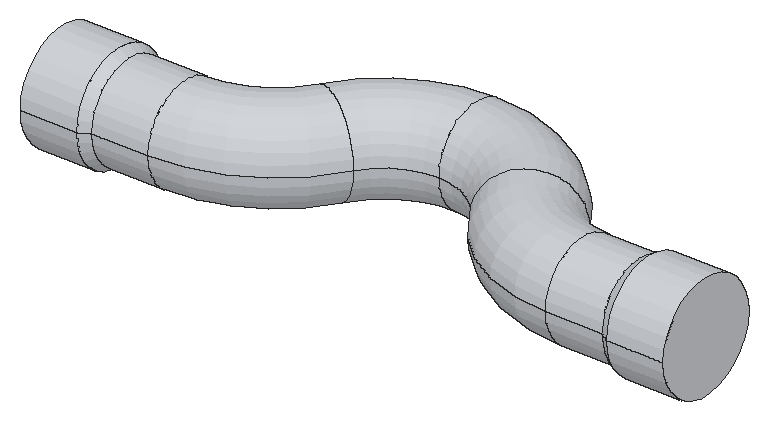
Revit family "Transposição da curvatura - CPVC - HW", category Conexões de tubo, Revit 2019
Family settings
  Cota do conector redondo = Usar raio
  Tipo de parte = União
  Com base no plano de trabalho = Não
  Sempre na vertical = Sim
  Corte com vazios quando carregada = Não
  Compartilhado = Não
Parameters (values of type "Padrão")
  Type Comments = ""
  Tamanho da marca de revisão [instance] = Diâmetro externo da conexão * 0.4  # 8.00 mm
  Raio externo do soquete [instance] = Diâmetro externo do soquete / 2  # 11.25 mm
  Profundidade do soquete 2 [instance] = size_lookup(Nome da tabela de pesquisa, "SDpt2", 0.12 * Diâmetro nominal - 0.30 mm, Diâmetro nominal)  # 2.10 mm
  Profundidade do soquete 1 [instance] = size_lookup(Nome da tabela de pesquisa, "SDpt1", 0.8349 * Diâmetro nominal - 2.80 mm, Diâmetro nominal)  # 14.00 mm
  Diâmetro externo do soquete [instance] = size_lookup(Nome da tabela de pesquisa, "SOD", 1.039 * Diâmetro nominal + 1.80 mm, Diâmetro nominal)  # 22.50 mm
  Raio 2 [instance] = size_lookup(Nome da tabela de pesquisa, "Rad2", Diâmetro nominal + 5.00 mm, Diâmetro nominal)  # 25.00 mm
  Raio 1 [instance] = size_lookup(Nome da tabela de pesquisa, "Rad1", 0.9509 * Diâmetro nominal + 5.20 mm, Diâmetro nominal)  # 24.30 mm
  Model = ""
  Manufacturer = ""
  Loss Method = (empty or 0)
  Nome da tabela de pesquisa = "BR_Bend Transposition - CPVC - HW"
  Comprimento 2 [instance] = Centro para o soquete - Profundidade do soquete 1 - 2 * Comprimento 1  # 11.911 mm
  Comprimento 1 [instance] = Raio 1 * sin(60.00°)  # 21.044 mm
  Raio externo da conexão [instance] = Diâmetro externo da conexão / 2  # 10.00 mm
  Diâmetro externo da conexão [instance] = Diâmetro nominal  # 20.00 mm
  Description = ""
  Centro para o soquete [instance] = size_lookup(Nome da tabela de pesquisa, "CtS", 3.1172 * Diâmetro nominal + 5.80 mm, Diâmetro nominal)  # 68.00 mm
  Diâmetro nominal [instance] = Raio nominal * 2  # 20.00 mm
  Raio nominal [instance] = 10.00 mm
Reference planes
  plane 1 "Centro (Frente/Trás)": y = 0
  plane 2: z = 0
  plane 3 "Centro (Esquerda/Direita)": x = 0
  plane 4: x = -21.044
  plane 5: x = 21.044
  plane 6: x = -42.089
  plane 7: x = 42.089
  plane 8: x = -68
  plane 9: x = 68
  plane 10: x = -54
  plane 11: x = 54
  plane 12: x = -56.1
  plane 13: x = 56.1
  plane 14: y = 24.3
  plane 15: y = 8
  plane 16: y = -8
Forms (mm)
  Sweep 1, solid, detail levels fine
    path origin (0, 0, 0) x (1, 0, 0) y (0, 1, 0)
      loop
        line (-68, 0) -> (-56.1, 0)
    profile origin (-62.05, 0, 0) x (0, 1, 0) y (0, 0, 1)
      loop
        circle (0, 0) r 11.25
  SweptBlend 2, solid, detail levels fine
    path origin (0, 0, 0) x (1, 0, 0) y (0, 1, 0)
      loop
        line (-56.1, 0) -> (-54, 0)
    profile origin (-56.1, 0, 0) x (0, 1, 0) y (0, 0, 1)
      loop
        circle (0, 0) r 11.25
    end profile origin (-54, 0, 0) x (0, 1, 0) y (0, 0, 1)
      loop
        circle (0, 0) r 10
  Sweep 3, solid, detail levels fine
    path origin (0, 0, 0) x (1, 0, 0) y (0, 1, 0)
      loop
        line (56.1, 0) -> (68, 0)
    profile origin (62.05, 0, 0) x (0, 1, 0) y (0, 0, 1)
      loop
        circle (0, 0) r 11.25
  SweptBlend 4, solid, detail levels fine
    path origin (0, 0, 0) x (1, 0, 0) y (0, 1, 0)
      loop
        line (54, 0) -> (56.1, 0)
    profile origin (54, 0, 0) x (0, 1, 0) y (0, 0, 1)
      loop
        circle (0, 0) r 10
    end profile origin (56.1, 0, 0) x (0, 1, 0) y (0, 0, 1)
      loop
        circle (0, 0) r 11.25
  Sweep 5, solid, detail levels fine
    path origin (0, 0, 0) x (1, 0, 0) y (0, 1, 0)
      loop
        line (-54, 0) -> (-42.089, 0)
        arc (-42.089, 0) -> (-29.939, 3.256) -> (-21.044, 12.15) r 24.3
        arc (-21.044, 12.15) -> (-12.15, 21.044) -> (0, 24.3) r 24.3
        arc (0, 24.3) -> (12.15, 21.044) -> (21.044, 12.15) r 24.3
        arc (21.044, 12.15) -> (29.939, 3.256) -> (42.089, 0) r 24.3
        line (42.089, 0) -> (54, 0)
    profile origin (-48.044, 0, 0) x (0, 1, 0) y (0, 0, 1)
      loop
        circle (0, 0) r 10
Cuts and joins
  joined: Sweep 1, SweptBlend 2, Sweep 3, SweptBlend 4, Sweep 5
Lines and regions (mm)
  model lines, detail levels coarse+medium
    curve 1: line (-68, -8, 0) -> (-68, 8, 0)
    curve 2: line (-68, 0, 0) -> (-42.089, 0, 0)
    curve 3: arc (-42.089, 0, 0) -> (-29.939, 3.256, 0) -> (-21.044, 12.15, 0) r 24.3
    curve 4: arc (-21.044, 12.15, 0) -> (-12.15, 21.044, 0) -> (0, 24.3, 0) r 24.3
    curve 5: arc (0, 24.3, 0) -> (12.15, 21.044, 0) -> (21.044, 12.15, 0) r 24.3
    curve 6: arc (21.044, 12.15, 0) -> (29.939, 3.256, 0) -> (42.089, 0, 0) r 24.3
    curve 7: line (42.089, 0, 0) -> (68, 0, 0)
    curve 8: line (68, 8, 0) -> (68, -8, 0)
Dimensions and locks
  "Comprimento 1": plane 4 to plane 3 "Centro (Esquerda/Direita)"
  "Comprimento 1": plane 3 "Centro (Esquerda/Direita)" to plane 5
  "Comprimento 1": plane 6 to plane 4
  "Comprimento 1": plane 5 to plane 7
  "Centro para o soquete": plane 8 to plane 3 "Centro (Esquerda/Direita)"
  "Centro para o soquete": plane 3 "Centro (Esquerda/Direita)" to plane 9
  equal spacing: plane 8, plane 3 "Centro (Esquerda/Direita)", plane 9
  "Profundidade do soquete 1": plane 8 to plane 10
  "Profundidade do soquete 1": plane 11 to plane 9
  "Profundidade do soquete 2": plane 12 to plane 10
  "Profundidade do soquete 2": plane 11 to plane 13
  "Raio 1": plane 1 "Centro (Frente/Trás)" to plane 14
  "Tamanho da marca de revisão": plane 1 "Centro (Frente/Trás)" to plane 15
  "Tamanho da marca de revisão": plane 16 to plane 1 "Centro (Frente/Trás)"
  "Raio externo do soquete": radius of Sweep 1 sketch curve
  "Raio externo do soquete": radius of SweptBlend 2 sketch curve
  "Raio externo da conexão": radius of SweptBlend 2 sketch curve
  "Raio externo do soquete": radius of Sweep 3 sketch curve
  "Raio externo da conexão": radius of SweptBlend 4 sketch curve
  "Raio externo do soquete": radius of SweptBlend 4 sketch curve
  "Raio externo da conexão": radius of Sweep 5 sketch curve
  aligned and locked: plane 2 to level
  aligned and locked: plane 8 to Sweep 1 sketch curve
  aligned and locked: plane 12 to Sweep 1 sketch curve
  aligned and locked: plane 1 "Centro (Frente/Trás)" to Sweep 1 sketch curve  (x2)
  aligned and locked: plane 2 to Sweep 1 sketch curve
  aligned and locked: plane 12 to SweptBlend 2 sketch curve
  aligned and locked: plane 10 to SweptBlend 2 sketch curve
  aligned and locked: plane 1 "Centro (Frente/Trás)" to SweptBlend 2 sketch curve  (x3)
  aligned and locked: plane 2 to SweptBlend 2 sketch curve  (x2)
  aligned and locked: plane 9 to Sweep 3 sketch curve
  aligned and locked: plane 13 to Sweep 3 sketch curve
  aligned and locked: plane 1 "Centro (Frente/Trás)" to Sweep 3 sketch curve  (x2)
  aligned and locked: plane 2 to Sweep 3 sketch curve
  aligned and locked: plane 11 to SweptBlend 4 sketch curve
  aligned and locked: plane 13 to SweptBlend 4 sketch curve
  aligned and locked: plane 1 "Centro (Frente/Trás)" to SweptBlend 4 sketch curve  (x3)
  aligned and locked: plane 2 to SweptBlend 4 sketch curve  (x2)
  aligned and locked: plane 10 to Sweep 5 sketch curve
  aligned and locked: plane 6 to Sweep 5 sketch curve
  aligned and locked: plane 1 "Centro (Frente/Trás)" to Sweep 5 sketch curve  (x3)
  aligned and locked: plane 4 to Sweep 5 sketch curve
  aligned and locked: plane 14 to Sweep 5 sketch curve
  aligned and locked: plane 5 to Sweep 5 sketch curve
  aligned and locked: plane 7 to Sweep 5 sketch curve
  aligned and locked: plane 11 to Sweep 5 sketch curve
  aligned and locked: plane 2 to Sweep 5 sketch curve
  aligned and locked: plane 15 to curve 1
  aligned and locked: plane 16 to curve 1
  aligned and locked: plane 8 to curve 1
  aligned and locked: plane 8 to curve 2
  aligned and locked: plane 6 to curve 2
  aligned and locked: plane 1 "Centro (Frente/Trás)" to curve 2
  aligned and locked: plane 4 to curve 3
  aligned and locked: plane 14 to curve 4
  aligned and locked: plane 5 to curve 5
  aligned and locked: plane 7 to curve 7
  aligned and locked: plane 9 to curve 7
  aligned and locked: plane 1 "Centro (Frente/Trás)" to curve 7
  aligned and locked: plane 15 to curve 8
  aligned and locked: plane 16 to curve 8
  aligned and locked: curve 8 to plane 9
Automatic sketch dimensions
  SweptBlend 2 sketch curve to plane 12 = 0.00 mm
  Sweep 5 sketch curve to Sweep 5 sketch curve = 0.00 mm
  Sweep 5 sketch curve to plane 4 = 0.00 mm
  plane 1 "Centro (Frente/Trás)" to Sweep 5 sketch curve = 0.00 mm
  curve 4 to curve 5 = 0.00 mm
  curve 4 to plane 4 = 0.00 mm
  curve 6 to plane 5 = 0.00 mm
Connectors
  piping at (-68, 0, 0), diameter 20, driven by "Raio nominal"
    settings: on cut or joined group of Sweep 1, SweptBlend 2, Sweep 3, SweptBlend 4, Sweep 5, index 1, connector inside diameter 609.60 mm, connector length 0.00 mm, flow factor 0, pipe flow 0 GPM, pressure drop 0.00 psi, fitting loss kfactor 0, connector angle 0.00°, fixture units 0, engagement length 0.00 mm, angle of deflection 0.00°, flow configuration 0, flow direction 0, fitting loss method 0, system type 28, joint type 0, gender type 0, connector reference index 2, connector utility 0, adjustable connector no, is connector primary yes, connector description ""
  piping at (68, 0, 0), diameter 20, driven by "Raio nominal"
    settings: on cut or joined group of Sweep 1, SweptBlend 2, Sweep 3, SweptBlend 4, Sweep 5, index 2, connector inside diameter 609.60 mm, connector length 0.00 mm, flow factor 0, pipe flow 0 GPM, pressure drop 0.00 psi, fitting loss kfactor 0, connector angle 0.00°, fixture units 0, engagement length 0.00 mm, angle of deflection 0.00°, flow configuration 0, flow direction 0, fitting loss method 0, system type 28, joint type 0, gender type 0, connector reference index 1, connector utility 0, adjustable connector no, is connector primary no, connector description ""
